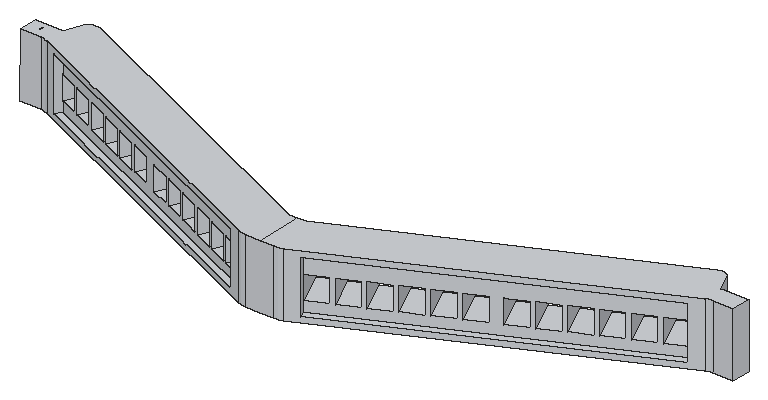
Revit family
Parameters (values of type "TEXT")
  Material ID = "760151290"
  Description = "SYSTIMAX 360 Evolve High Density F/UTP Angled Modular Panel, 24 port"
Reference planes (in)
  plane 1 "Center (Front/Back)": y = 0
  plane 2: z = 0
  plane 3 "Center (Left/Right)": x = 0
  plane 4: x = 0
Forms (in)
  Extrusion 1, solid
    sketch origin (0, 0, 0) x (1, 0, 0) y (0, 0, 1)
      loop
        line (0, 1.72) -> (-9.5, 1.72) -> (-9.5, 0) -> (0, 0) -> (9.5, 0) -> (9.5, 1.72) -> (0, 1.72)
    from 0 to 5
  Extrusion 2, void
    sketch origin (0, 0, 0) x (1, 0, 0) y (0, 1, 0)
      loop
        line (0, -3.75) -> (0.22211, -3.75) -> (8.20539, -0.02733)
        arc (8.20539, -0.02733) -> (8.4054, -0.01671) -> (8.56751, -0.13432) r 0.3
        line (8.56751, -0.13432) -> (8.78, -0.59) -> (10.67789, -0.59) -> (10.67789, 1.58554) -> (-10.07211, 1.58554) -> (-10.07211, -0.59) -> (-8.78, -0.59) -> (-8.56751, -0.13432)
        arc (-8.56751, -0.13432) -> (-8.4054, -0.01671) -> (-8.20539, -0.02733) r 0.3
        line (-8.20539, -0.02733) -> (-0.22211, -3.75) -> (0, -3.75)
      loop
        line (0, -5) -> (-0.37185, -5)
        arc (-0.37185, -5) -> (-0.49223, -4.98735) -> (-0.60735, -4.94994) r 0.57899
        line (-0.60735, -4.94994) -> (-8.77297, -1.14225)
        arc (-8.77297, -1.14225) -> (-8.86654, -1.11064) -> (-8.96473, -1.1) r 0.45422
        line (-8.96473, -1.1) -> (-10.07211, -1.1) -> (-10.07211, -6.6) -> (10.67789, -6.6) -> (10.67789, -1.1) -> (8.96473, -1.1)
        arc (8.96473, -1.1) -> (8.86654, -1.11064) -> (8.77297, -1.14225) r 0.45422
        line (8.77297, -1.14225) -> (0.60735, -4.94994)
        arc (0.60735, -4.94994) -> (0.49223, -4.98735) -> (0.37185, -5) r 0.57899
        line (0.37185, -5) -> (0, -5)
    from 0 to 12
  Extrusion 3, void
    sketch origin (-0.5, -5, 0) x (0.906308, -0.422618, 0) y (0, 0, -1)
      loop
        line (-8.78097, -1.575) -> (-0.48097, -1.575) -> (-0.48097, -0.145) -> (-8.78097, -0.145) -> (-8.78097, -1.575)
    from 0 to 0.2
  Extrusion 4, void
    sketch origin (-0.5, -5, 0) x (0.906308, -0.422618, 0) y (0, 0, -1)
      loop
        line (-8.77097, -1.065) -> (-8.20097, -1.065) -> (-8.20097, -0.415) -> (-8.77097, -0.415) -> (-8.77097, -1.065)
    from -6.11684 to 3.83475
  Extrusion 5, void
    sketch origin (0.11223, -5.28549, 0) x (0.906308, -0.422618, 0) y (0, 0, -1)
      loop
        line (-8.77097, -1.065) -> (-8.20097, -1.065) -> (-8.20097, -0.415) -> (-8.77097, -0.415) -> (-8.77097, -1.065)
    from -6.11684 to 3.83475
  Extrusion 6, void
    sketch origin (0.72447, -5.57098, 0) x (0.906308, -0.422618, 0) y (0, 0, -1)
      loop
        line (-8.77097, -1.065) -> (-8.20097, -1.065) -> (-8.20097, -0.415) -> (-8.77097, -0.415) -> (-8.77097, -1.065)
    from -6.11684 to 3.83475
  Extrusion 7, void
    sketch origin (1.3367, -5.85647, 0) x (0.906308, -0.422618, 0) y (0, 0, -1)
      loop
        line (-8.77097, -1.065) -> (-8.20097, -1.065) -> (-8.20097, -0.415) -> (-8.77097, -0.415) -> (-8.77097, -1.065)
    from -6.11684 to 3.83475
  Extrusion 8, void
    sketch origin (1.94893, -6.14195, 0) x (0.906308, -0.422618, 0) y (0, 0, -1)
      loop
        line (-8.77097, -1.065) -> (-8.20097, -1.065) -> (-8.20097, -0.415) -> (-8.77097, -0.415) -> (-8.77097, -1.065)
    from -6.11684 to 3.83475
  Extrusion 9, void
    sketch origin (2.56116, -6.42744, 0) x (0.906308, -0.422618, 0) y (0, 0, -1)
      loop
        line (-8.77097, -1.065) -> (-8.20097, -1.065) -> (-8.20097, -0.415) -> (-8.77097, -0.415) -> (-8.77097, -1.065)
    from -6.11684 to 3.83475
  Extrusion 10, void
    sketch origin (3.39732, -6.81735, 0) x (0.906308, -0.422618, 0) y (0, 0, -1)
      loop
        line (-8.77097, -1.065) -> (-8.20097, -1.065) -> (-8.20097, -0.415) -> (-8.77097, -0.415) -> (-8.77097, -1.065)
    from -6.11684 to 3.83475
  Extrusion 11, void
    sketch origin (4.00955, -7.10284, 0) x (0.906308, -0.422618, 0) y (0, 0, -1)
      loop
        line (-8.77097, -1.065) -> (-8.20097, -1.065) -> (-8.20097, -0.415) -> (-8.77097, -0.415) -> (-8.77097, -1.065)
    from -6.11684 to 3.83475
  Extrusion 12, void
    sketch origin (4.62179, -7.38833, 0) x (0.906308, -0.422618, 0) y (0, 0, -1)
      loop
        line (-8.77097, -1.065) -> (-8.20097, -1.065) -> (-8.20097, -0.415) -> (-8.77097, -0.415) -> (-8.77097, -1.065)
    from -6.11684 to 3.83475
  Extrusion 13, void
    sketch origin (5.23402, -7.67382, 0) x (0.906308, -0.422618, 0) y (0, 0, -1)
      loop
        line (-8.77097, -1.065) -> (-8.20097, -1.065) -> (-8.20097, -0.415) -> (-8.77097, -0.415) -> (-8.77097, -1.065)
    from -6.11684 to 3.83475
  Extrusion 14, void
    sketch origin (5.84625, -7.95931, 0) x (0.906308, -0.422618, 0) y (0, 0, -1)
      loop
        line (-8.77097, -1.065) -> (-8.20097, -1.065) -> (-8.20097, -0.415) -> (-8.77097, -0.415) -> (-8.77097, -1.065)
    from -6.11684 to 3.83475
  Extrusion 15, void
    sketch origin (6.45848, -8.24479, 0) x (0.906308, -0.422618, 0) y (0, 0, -1)
      loop
        line (-8.77097, -1.065) -> (-8.20097, -1.065) -> (-8.20097, -0.415) -> (-8.77097, -0.415) -> (-8.77097, -1.065)
    from -6.11684 to 3.83475
  Extrusion 16, void
    sketch origin (0.5, -5, 0) x (-0.906308, -0.422618, 0) y (0, 0, 1)
      loop
        line (-8.78097, 1.575) -> (-8.78097, 0.145) -> (-0.48097, 0.145) -> (-0.48097, 1.575) -> (-8.78097, 1.575)
    from 0 to 0.2
  Extrusion 17, void
    sketch origin (0.5, -5, 0) x (-0.906308, -0.422618, 0) y (0, 0, 1)
      loop
        line (-8.77097, 1.065) -> (-8.77097, 0.415) -> (-8.20097, 0.415) -> (-8.20097, 1.065) -> (-8.77097, 1.065)
    from -6.11684 to 3.83475
  Extrusion 18, void
    sketch origin (-0.11911, -5.2887, 0) x (-0.906308, -0.422618, 0) y (0, 0, 1)
      loop
        line (-8.77097, 1.065) -> (-8.77097, 0.415) -> (-8.20097, 0.415) -> (-8.20097, 1.065) -> (-8.77097, 1.065)
    from -6.11684 to 3.83475
  Extrusion 19, void
    sketch origin (-0.73822, -5.57739, 0) x (-0.906308, -0.422618, 0) y (0, 0, 1)
      loop
        line (-8.77097, 1.065) -> (-8.77097, 0.415) -> (-8.20097, 0.415) -> (-8.20097, 1.065) -> (-8.77097, 1.065)
    from -6.11684 to 3.83475
  Extrusion 20, void
    sketch origin (-1.35733, -5.86609, 0) x (-0.906308, -0.422618, 0) y (0, 0, 1)
      loop
        line (-8.77097, 1.065) -> (-8.77097, 0.415) -> (-8.20097, 0.415) -> (-8.20097, 1.065) -> (-8.77097, 1.065)
    from -6.11684 to 3.83475
  Extrusion 21, void
    sketch origin (-1.97644, -6.15478, 0) x (-0.906308, -0.422618, 0) y (0, 0, 1)
      loop
        line (-8.77097, 1.065) -> (-8.77097, 0.415) -> (-8.20097, 0.415) -> (-8.20097, 1.065) -> (-8.77097, 1.065)
    from -6.11684 to 3.83475
  Extrusion 22, void
    sketch origin (-2.59555, -6.44348, 0) x (-0.906308, -0.422618, 0) y (0, 0, 1)
      loop
        line (-8.77097, 1.065) -> (-8.77097, 0.415) -> (-8.20097, 0.415) -> (-8.20097, 1.065) -> (-8.77097, 1.065)
    from -6.11684 to 3.83475
  Extrusion 23, void
    sketch origin (-3.3948, -6.81617, 0) x (-0.906308, -0.422618, 0) y (0, 0, 1)
      loop
        line (-8.77097, 1.065) -> (-8.77097, 0.415) -> (-8.20097, 0.415) -> (-8.20097, 1.065) -> (-8.77097, 1.065)
    from -6.11684 to 3.83475
  Extrusion 24, void
    sketch origin (-4.01391, -7.10487, 0) x (-0.906308, -0.422618, 0) y (0, 0, 1)
      loop
        line (-8.77097, 1.065) -> (-8.77097, 0.415) -> (-8.20097, 0.415) -> (-8.20097, 1.065) -> (-8.77097, 1.065)
    from -6.11684 to 3.83475
  Extrusion 25, void
    sketch origin (-4.63302, -7.39357, 0) x (-0.906308, -0.422618, 0) y (0, 0, 1)
      loop
        line (-8.77097, 1.065) -> (-8.77097, 0.415) -> (-8.20097, 0.415) -> (-8.20097, 1.065) -> (-8.77097, 1.065)
    from -6.11684 to 3.83475
  Extrusion 26, void
    sketch origin (-5.25213, -7.68226, 0) x (-0.906308, -0.422618, 0) y (0, 0, 1)
      loop
        line (-8.77097, 1.065) -> (-8.77097, 0.415) -> (-8.20097, 0.415) -> (-8.20097, 1.065) -> (-8.77097, 1.065)
    from -6.11684 to 3.83475
  Extrusion 27, void
    sketch origin (-5.87124, -7.97096, 0) x (-0.906308, -0.422618, 0) y (0, 0, 1)
      loop
        line (-8.77097, 1.065) -> (-8.77097, 0.415) -> (-8.20097, 0.415) -> (-8.20097, 1.065) -> (-8.77097, 1.065)
    from -6.11684 to 3.83475
  Extrusion 28, void
    sketch origin (-6.49035, -8.25965, 0) x (-0.906308, -0.422618, 0) y (0, 0, 1)
      loop
        line (-8.77097, 1.065) -> (-8.77097, 0.415) -> (-8.20097, 0.415) -> (-8.20097, 1.065) -> (-8.77097, 1.065)
    from -6.11684 to 3.83475
  Extrusion 29, void
    sketch origin (0, 0, 0) x (1, 0, 0) y (0, 0, 1)
      loop
        line (-9.23838, 0.095) -> (-9.11238, 0.095)
        arc (-9.11238, 0.095) -> (-8.97238, 0.235) -> (-9.11238, 0.375) r 0.14
        line (-9.11238, 0.375) -> (-9.23838, 0.375)
        arc (-9.23838, 0.375) -> (-9.37838, 0.235) -> (-9.23838, 0.095) r 0.14
      loop
        line (-9.23838, 1.345) -> (-9.11238, 1.345)
        arc (-9.11238, 1.345) -> (-8.97238, 1.485) -> (-9.11238, 1.625) r 0.14
        line (-9.11238, 1.625) -> (-9.23838, 1.625)
        arc (-9.23838, 1.625) -> (-9.37838, 1.485) -> (-9.23838, 1.345) r 0.14
    from -1.65585 to 1.01797
  Extrusion 30, void
    sketch origin (0, 0, 0) x (-1, 0, 0) y (0, 0, -1)
      loop
        arc (-9.23838, -0.095) -> (-9.37838, -0.235) -> (-9.23838, -0.375) r 0.14
        line (-9.23838, -0.375) -> (-9.11238, -0.375)
        arc (-9.11238, -0.375) -> (-8.97238, -0.235) -> (-9.11238, -0.095) r 0.14
        line (-9.11238, -0.095) -> (-9.23838, -0.095)
      loop
        arc (-9.23838, -1.345) -> (-9.37838, -1.485) -> (-9.23838, -1.625) r 0.14
        line (-9.23838, -1.625) -> (-9.11238, -1.625)
        arc (-9.11238, -1.625) -> (-8.97238, -1.485) -> (-9.11238, -1.345) r 0.14
        line (-9.11238, -1.345) -> (-9.23838, -1.345)
    from -1.65585 to 1.01797
Cuts and joins
  Extrusion 2, Extrusion 3, Extrusion 4, Extrusion 5, Extrusion 6, Extrusion 7, Extrusion 8, Extrusion 9, Extrusion 10, Extrusion 11, Extrusion 12, Extrusion 13, Extrusion 14, Extrusion 15, Extrusion 16, Extrusion 17, Extrusion 18, Extrusion 19, Extrusion 20, Extrusion 21, Extrusion 22, Extrusion 23, Extrusion 24, Extrusion 25, Extrusion 26, Extrusion 27, Extrusion 28, Extrusion 29, Extrusion 30 cuts Extrusion 1
Dimensions and locks (in)
  equal spacing: group 6, group 7, group 8, group 9, group 10, group 11  (x2)
  equal spacing: group 11, group 10, group 9, group 8, group 7, group 6
  equal spacing: group 17, group 16, group 15, group 14, group 13, group 12  (x2)
  equal spacing: group 12, group 13, group 14, group 15, group 16, group 17
  aligned and locked: level to Extrusion 1 sketch curve
